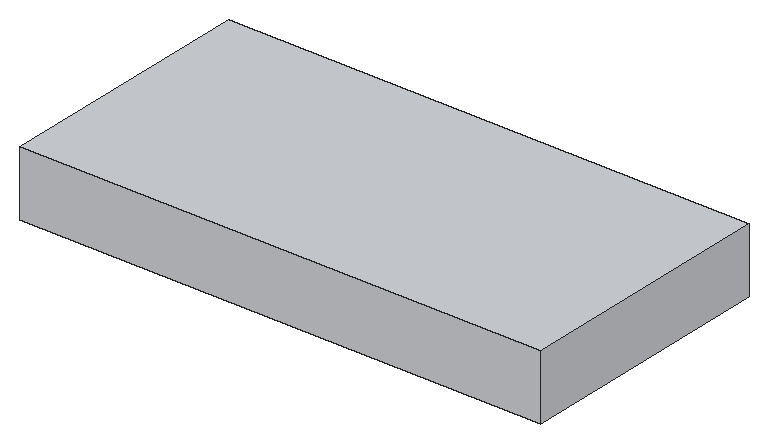
Revit family "Plain Surface Lighting Fixture", category Lighting Fixtures, host Face, Revit 2027
Family settings
  Host = Face
  Round Connector Dimension = Use Diameter
  Part Type = Normal
  Classification Number = 23.80.70.11.11
  Cut with Voids When Loaded = No
  Light Source = Yes
  Maintain Annotation Orientation = No
  Shared = No
  Room Calculation Point = No
Parameters (values of type "2x4 - 120 suspended linear on stems - PLACEHOLDER")
  Width 1 = Width / 2  # 1' - 0"
  Width = 2' - 0"
  Wattage = 96 W
  built-in parameter 1150110 = 1 (stored number, unit not read)
  Type Comments = "P-18: suspended linear on cables/stems from sloped ceiling; stem length per instance Comments."
  built-in parameter 1150109 = 1 (stored number, unit not read)
  built-in parameter 1150134 = 8
  built-in parameter 1150113 = 1 (stored number, unit not read)
  Tilt Angle = -90.00°
  Stem length 2 [instance] = 0' - 11.81102"
  Stem length [instance] = 0' - 11.81102"
  Stem canopy start 2 [instance] = Stem length 2 - 0' 0.98425"  # 0' - 10.82677"
  Stem canopy start [instance] = Stem length - 0' 0.98425"  # 0' - 10.82677"
  Show stem [instance] = no
  Lumens = 8700.48 lm
  built-in parameter 1114217 = 0.88 (stored number, unit not read)
  built-in parameter 1150115 = 1 (stored number, unit not read)
  built-in parameter 1150105 = 692.36 (stored number, unit not read)
  Load Classification = Lighting - Dwelling Unit
  built-in parameter 1150137 = 1
  built-in parameter 1150139 = (empty or 0)
  Length 1 = Length / 2  # 2' - 0"
  Length = 4' - 0"
  Photometric Web File = "S2x43A12.ies"
  built-in parameter 1150112 = 1 (stored number, unit not read)
  built-in parameter 1150114 = 1 (stored number, unit not read)
  built-in parameter 1150132 = (empty or 0)
  built-in parameter 1150102 = (empty or 0)
  built-in parameter 1150138 = (empty or 0)
  built-in parameter 1150107 = 4230 (stored number, unit not read)
  built-in parameter 1150106 = 6.9236 (stored number, unit not read)
  Emit from Rectangle Width = Width  # 2' - 0"
  Emit from Rectangle Length = Length  # 4' - 0"
  Emit Shape Visible in Rendering = no
  built-in parameter 1150104 = 8.4198 (stored number, unit not read)
  Dimming Lamp Color Temperature Shift = <None>
  Depth = 0' - 6"
  Default Elevation = 4' - 0"
  Color Filter = 16777215
  built-in parameter 1140040 [instance] = 1
  Ballast Voltage = 120 V
  built-in parameter 1114218 = 0.88 (stored number, unit not read)
  built-in parameter 1150133 = 10 (stored number, unit not read)
  Assembly Code = ""
  Apparent Load = 96 VA
Types (3): name | Width 1 | Width | Wattage | Lumens | built-in parameter 1150105 | Photometric Web File | built-in parameter 1150106 | Emit from Rectangle Width | Apparent Load
  1x4 - 120 | 0' - 6" | 1' - 0" | 64 W | 5800.32 lm | 461.57 (stored number, unit not read) | "S1x42A12.ies" | 4.6157 (stored number, unit not read) | 1' - 0" | 64 VA
  2x4 - 120 | 1' - 0" | 2' - 0" | 96 W | 8700.48 lm | 692.36 (stored number, unit not read) | "S2x43A12.ies" | 6.9236 (stored number, unit not read) | 2' - 0" | 96 VA
  2x4 - 120 suspended linear on stems - PLACEHOLDER | 1' - 0" | 2' - 0" | 96 W | 8700.48 lm | 692.36 (stored number, unit not read) | "S2x43A12.ies" | 6.9236 (stored number, unit not read) | 2' - 0" | 96 VA
Reference planes (in)
  plane 1 "none": y = 5.07564
  plane 2: z = 0
  plane 3 "Center (Left/Right)": x = -36.96268
  plane 4 "Center (Front/Back)": y = 29.07564
  plane 5: x = 11.03732
  plane 6: z = 6
  plane 7: y = 17.07564
  plane 8: x = -12.96268
Forms (in)
  Extrusion 1, solid
    sketch origin (0, 0, 0) x (1, 0, 0) y (0, 1, 0)
      loop
        line (-36.96268, 29.07564) -> (-36.96268, 5.07564) -> (11.03732, 5.07564) -> (11.03732, 29.07564) -> (-36.96268, 29.07564)
    from 0 to 6
  Extrusion 2, solid, visible <- "Show stem"
    sketch origin (0, 0, 5.98425) x (1, 0, 0) y (0, 1, 0)
      loop
        circle (-31.06299, 17.06693) r 0.23622
    from 0 to 11.81102 <- "Stem length"
  Extrusion 3, solid, visible <- "Show stem"
    sketch origin (0, 0, 5.98425) x (1, 0, 0) y (0, 1, 0)
      loop
        circle (-31.06299, 17.06693) r 1.9685
    from 10.82677 <- "Stem canopy start" to 11.81102 <- "Stem length"
  Extrusion 4, solid, visible <- "Show stem"
    sketch origin (0, 0, 5.98425) x (1, 0, 0) y (0, 1, 0)
      loop
        circle (5.11811, 17.06693) r 0.23622
    from 0 to 11.81102 <- "Stem length 2"
  Extrusion 5, solid, visible <- "Show stem"
    sketch origin (0, 0, 5.98425) x (1, 0, 0) y (0, 1, 0)
      loop
        circle (5.11811, 17.06693) r 1.9685
    from 10.82677 <- "Stem canopy start 2" to 11.81102 <- "Stem length 2"
Dimensions and locks (in)
  "Width": plane 1 "none" to plane 4 "Center (Front/Back)"
  "Length": plane 3 "Center (Left/Right)" to plane 5
  "Depth": host face to plane 6
  "Width 1": plane 4 "Center (Front/Back)" to plane 7
  "Length 1": plane 3 "Center (Left/Right)" to plane 8
  aligned and locked: plane 2 to host face
  aligned and locked: level to host face
  aligned and locked: plane 3 "Center (Left/Right)" to Extrusion 1 sketch curve
  aligned and locked: Extrusion 1 sketch curve to plane 4 "Center (Front/Back)"
  aligned and locked: plane 1 "none" to Extrusion 1 sketch curve
  aligned and locked: Extrusion 1 sketch curve to plane 5
  aligned and locked: Extrusion 1 to plane 6
  aligned and locked: plane 7 to imposter light
  aligned and locked: plane 6 to imposter light
  aligned and locked: plane 8 to imposter light
Automatic sketch dimensions
  host sketch curve to host sketch curve = 11' - 0.96268"
  host sketch curve to host sketch curve = 7' - 6.92436"
  Extrusion 2 sketch curve to Extrusion 2 sketch curve = 0' - 0"  (x2)
  Extrusion 2 sketch curve to plane 7 = 0' - 0.00871"
  plane 3 "Center (Left/Right)" to Extrusion 2 sketch curve = 0' - 5.89969"
  Extrusion 2 sketch curve to Extrusion 2 sketch curve = 0' - 0.23622"
  Extrusion 3 sketch curve to Extrusion 3 sketch curve = 0' - 0"  (x2)
  Extrusion 3 sketch curve to plane 7 = 0' - 0.00871"
  plane 3 "Center (Left/Right)" to Extrusion 3 sketch curve = 0' - 5.89969"
  Extrusion 3 sketch curve to Extrusion 3 sketch curve = 0' - 1.9685"
  Extrusion 4 sketch curve to Extrusion 4 sketch curve = 0' - 0"  (x2)
  Extrusion 4 sketch curve to plane 7 = 0' - 0.00871"
  Extrusion 4 sketch curve to plane 5 = 0' - 5.91921"
  Extrusion 4 sketch curve to Extrusion 4 sketch curve = 0' - 0.23622"
  Extrusion 5 sketch curve to Extrusion 5 sketch curve = 0' - 0"  (x2)
  Extrusion 5 sketch curve to plane 7 = 0' - 0.00871"
  Extrusion 5 sketch curve to plane 5 = 0' - 5.91921"
  Extrusion 5 sketch curve to Extrusion 5 sketch curve = 0' - 1.9685"
Connectors (in)
  electrical at (-12.96268, 17.07564, 6), driven by "Apparent Load", driven by "Ballast Voltage", driven by "Load Classification"
    settings: on Extrusion 1, index 1, voltage 120 V, apparent load 0 VA, apparent load phase1 96 VA, apparent load phase2 0 VA, apparent load phase3 0 VA, power factor 0.95, load classification "Lighting - Dwelling Unit", number of poles 1, system type 31, power factor state 1, is connector primary yes, connector utility no, sub classification motor no, connector description ""
